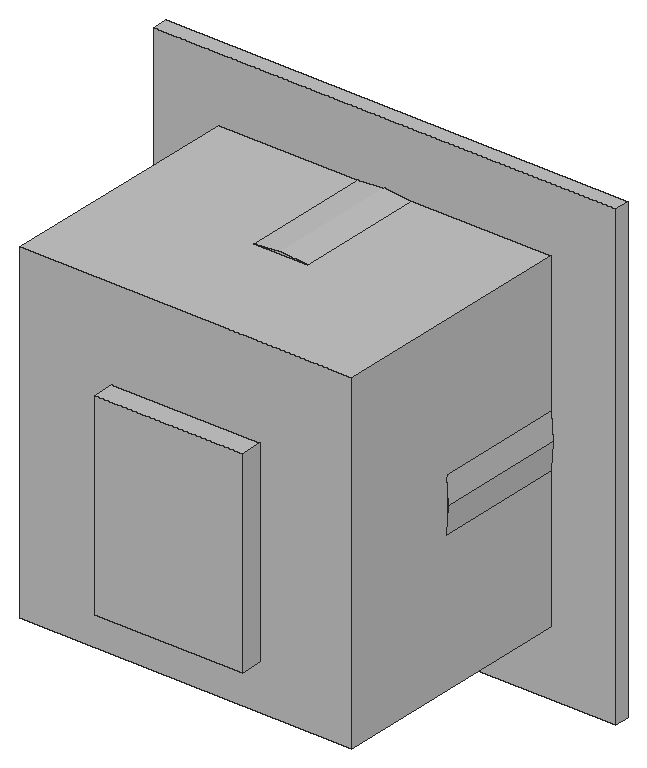
Revit family "ewf_ewg_ewh_ewj-20_105a_b_y_sa2_ta(40a)2-(-50)_50Hz", category 機械設備, Revit 2019
Family settings
  丸型コネクタ寸法 = 直径を使用
  パーツ タイプ = 標準
  OmniClass 番号 = 23.75.35.21.17
  OmniClass タイトル = Industrial Ventilating Equipment
  作業面ベース = いいえ
  常に垂直 = はい
  ロード時にボイドで切り取り = はい
  共有 = いいえ
  部屋計算ポイント = はい
Parameters (values of type "EWF-20YSA2-Q")
  騒音レベル(dB(A)) [instance] = 32
  風量 [instance] = 設計風量  # 0.0 m³/h
  電源種別 [instance] = ""
  電圧 = 100 V
  電動機出力 = 15 W
  電動機_種別 [instance] = ""
  銘板表示 = not(モーター表示)  # yes
  銘板_Width = 102.6 mm
  銘板_Height = 136 mm
  銘板_H = 52 mm
  運転質量 = 0.00 kg
  連動 [instance] = ""
  質量 = if(製品質量 > 運転質量, 製品質量, 運転質量) * 1.2  # 3.96 kg
  負荷分類 = 3_ファン類
  説明 = "産業用有圧換気扇 低騒音形 給気専用"
  設計風量 [instance] = 0.0 m³/h
  設置方法 = "壁付"
  記号 [instance] = ""
  製造元 = "三菱電機株式会社"
  製品質量 = 3.30 kg
  製品出荷対象 = "国内"
  製品リリース年月 = "2022年6月"
  製品グループ = ""
  羽根径 = "∅200"
  レグ_Depth = 182.1 mm
  系統 [instance] = ""
  符号 [instance] = if(☑給気／□排気, "FS", "FE")  # "FS"
  積算_科目 = ""
  積算_拾い区分 [instance] = ""
  相 = 1
  盤記号 [instance] = ""
  盤工事区分 = ""
  発停方法 [instance] = ""
  特殊仕様 [instance] = ""
  火災停止 [instance] = ""
  消費電力 = 30 W
  法定耐用年数 = "15"
  極数 = 2
  極 = 4
  材質 [instance] = ""
  操作・制御方式 = ""
  操作・制御スイッチ = ""
  排気量 [instance] = if(☑給気／□排気, 0.0 m³/h, 設計風量)  # 0.0 m³/h
  形式 = ""
  幹線記号 [instance] = ""
  対象室 [instance] = ""
  実風量 [instance] = 0.0 m³/h
  始動方式 [instance] = "直入"
  外気量 [instance] = if(☑給気／□排気, 設計風量, 0.0 m³/h)  # 0.0 m³/h
  呼称 = "有圧扇"
  周波数 = 50 Hz
  参照している仕様書等のバージョン = ""
  分類コード = "50052503100110"
  分類グループ = ""
  価格 = 45400
  企業コード = "108420"
  付属品_防振装置 = ""
  付属品 [instance] = ""
  仕様書バージョン = "Version1.0"
  レグ_Width = 230 mm
  レグ_Height = 230 mm
  モーター径 = 5 mm
  モーター表示 = no
  モデル = "EWF-20YSA2-Q"
  フレームの厚さ = 10 mm
  ファンの種類 = "軸流羽根"
  コメント [instance] = ""
  Keynote = ""
  オリフィス_Depth = 100 mm
  ☑給気／□排気 [instance] = yes
  Width = 320 mm
  Version = ""
  Uniclass2015Version = "Systems v1.9"
  Uniclass2015Title = "Propeller fans"
  Uniclass2015Code = "Pr_65_67_29_67"
  URL = "https://www.mitsubishielectric.co.jp/ldg/wink/ssl/displayProduct.do?pid=318607"
  SpecificationReference = ""
  SpecificationDescription = ""
  Revision = ""
  ProductInformation = ""
  OmniClassCode = "23-33 31 19 11 17"
  MIN風量 = 0.0 m³/h
  MID風量 = 0.0 m³/h
  MAX風量 = 660.0 m³/h
  IfcTypeProduct = ""
  IfcProduct = ""
  IfcExportType = "TUBEAXIAL"
  IfcExportAs = "IfcFanType"
  Height = 320 mm
  オリフィス径 = 233 mm
  Depth = 197 mm
  Author = "三菱電機株式会社"
Types (71, lengths in mm): name | 騒音レベル(dB(A)) | 電圧 | 電動機出力 | 銘板表示 | 銘板_Width | 銘板_Height | 銘板_H | 質量 | 製品質量 | 羽根径 | レグ_Depth | 相 | 消費電力 | 極数 | 極 | 価格 | レグ_Width | レグ_Height | モーター径 | モーター表示 | モデル | フレームの厚さ | オリフィス_Depth | Width | URL | MAX風量 | Height | オリフィス径 | Depth
  EWF-20YSA2-Q | 32 | 100 V | 15 W | yes | 102.6 | 136 | 52 | 3.96 kg | 3.30 kg | "∅200" | 182.1 | 1 | 30 W | 2 | 4 | 45400 | 230 | 230 | 5 | no | "EWF-20YSA2-Q" | 10 | 100 | 320 | "https://www.mitsubishielectric.co.jp/ldg/wink/ssl/displayProduct.do?pid=318607" | 660.0 m³/h | 320 | 233 | 197
  EWF-25ASA2-Q | 38 | 100 V | 25 W | yes | 120 | 153 | 60 | 5.16 kg | 4.30 kg | "∅250" | 182 | 1 | 41.5 W | 2 | 4 | 48100 | 280 | 280 | 5 | no | "EWF-25ASA2-Q" | 10 | 110 | 370 | "https://www.mitsubishielectric.co.jp/ldg/wink/ssl/displayProduct.do?pid=318609" | 1140.0 m³/h | 370 | 283 | 201
  EWF-30BSA2-Q | 44.5 | 100 V | 50 W | yes | 120 | 153 | 60 | 6.96 kg | 5.80 kg | "∅300" | 179 | 1 | 73 W | 2 | 4 | 62000 | 330 | 330 | 5 | no | "EWF-30BSA2-Q" | 10 | 110 | 420 | "https://www.mitsubishielectric.co.jp/ldg/wink/ssl/displayProduct.do?pid=318801" | 1680.0 m³/h | 420 | 323 | 197
  EWF-35CSA2-Q | 45 | 100 V | 100 W | yes | 120 | 153 | 60 | 7.92 kg | 6.60 kg | "∅350" | 189.8 | 1 | 91 W | 2 | 4 | 82500 | 385 | 385 | 5 | no | "EWF-35CSA2-Q" | 10 | 130 | 470 | "https://www.mitsubishielectric.co.jp/ldg/wink/ssl/displayProduct.do?pid=318807" | 2400.0 m³/h | 470 | 373 | 208
  EWF-35DSA2-Q | 48.5 | 100 V | 150 W | yes | 148 | 181 | 73 | 11.40 kg | 9.50 kg | "∅350" | 226.9 | 1 | 129 W | 2 | 4 | 90800 | 385 | 385 | 5 | no | "EWF-35DSA2-Q" | 10 | 130 | 470 | "https://www.mitsubishielectric.co.jp/ldg/wink/ssl/displayProduct.do?pid=318759" | 3000.0 m³/h | 470 | 373 | 259
  EWF-40DSA2-Q | 50.5 | 100 V | 200 W | yes | 148 | 181 | 73 | 14.52 kg | 12.10 kg | "∅400" | 237.4 | 1 | 152 W | 2 | 4 | 107000 | 413 | 413 | 5 | no | "EWF-40DSA2-Q" | 10 | 135 | 520 | "https://www.mitsubishielectric.co.jp/ldg/wink/ssl/displayProduct.do?pid=318765" | 3720.0 m³/h | 520 | 423 | 266
  EWG-40BSA2-Q | 38 | 100 V | 50 W | yes | 120 | 153 | 60 | 10.08 kg | 8.40 kg | "∅400" | 207 | 1 | 61.5 W | 2 | 6 | 89400 | 413 | 413 | 5 | no | "EWG-40BSA2-Q" | 10 | 135 | 520 | "https://www.mitsubishielectric.co.jp/ldg/wink/ssl/displayProduct.do?pid=319072" | 2340.0 m³/h | 520 | 423 | 223
  EWG-40CSA2-Q | 43 | 100 V | 100 W | yes | 148 | 181 | 73 | 14.64 kg | 12.20 kg | "∅400" | 256.4 | 1 | 112 W | 2 | 6 | 105000 | 413 | 413 | 5 | no | "EWG-40CSA2-Q" | 10 | 135 | 520 | "https://www.mitsubishielectric.co.jp/ldg/wink/ssl/displayProduct.do?pid=319076" | 3180.0 m³/h | 520 | 423 | 285
  EWF-45ESA2-Q | 54 | 100 V | 400 W | yes | 178 | 211 | 88 | 21.96 kg | 18.30 kg | "∅450" | 274 | 1 | 262 W | 2 | 4 | 135000 | 522 | 522 | 5 | no | "EWF-45ESA2-Q" | 10 | 135 | 620 | "https://www.mitsubishielectric.co.jp/ldg/wink/ssl/displayProduct.do?pid=319059" | 5560.0 m³/h | 620 | 473 | 307
  EWG-45DSA2-Q | 48 | 100 V | 200 W | yes | 178 | 211 | 88 | 20.28 kg | 16.90 kg | "∅450" | 302 | 1 | 175 W | 2 | 6 | 123000 | 514 | 514 | 5 | no | "EWG-45DSA2-Q" | 10 | 135 | 620 | "https://www.mitsubishielectric.co.jp/ldg/wink/ssl/displayProduct.do?pid=319081" | 4200.0 m³/h | 620 | 473 | 335
  EWF-25ATA2-Q_200V | 38 | 200 V | 25 W | yes | 120 | 153 | 60 | 5.88 kg | 4.90 kg | "∅250" | 196.5 | 3 | 35 W | 3 | 4 | 48100 | 280 | 280 | 5 | no | "EWF-25ATA2-Q" | 10 | 110 | 370 | "https://www.mitsubishielectric.co.jp/ldg/wink/ssl/displayProduct.do?pid=318797" | 1140.0 m³/h | 370 | 283 | 211
  EWF-30BTA2-Q_200V | 44.5 | 200 V | 50 W | yes | 120 | 153 | 60 | 6.96 kg | 5.80 kg | "∅300" | 179 | 3 | 57 W | 3 | 4 | 62000 | 330 | 330 | 5 | no | "EWF-30BTA2-Q" | 10 | 110 | 420 | "https://www.mitsubishielectric.co.jp/ldg/wink/ssl/displayProduct.do?pid=318803" | 1680.0 m³/h | 420 | 323 | 197
  EWF-35CTA2-Q_200V | 45 | 200 V | 100 W | yes | 120 | 153 | 60 | 8.04 kg | 6.70 kg | "∅350" | 189.8 | 3 | 82 W | 3 | 4 | 82500 | 385 | 385 | 5 | no | "EWF-35CTA2-Q" | 10 | 130 | 470 | "https://www.mitsubishielectric.co.jp/ldg/wink/ssl/displayProduct.do?pid=318755" | 2400.0 m³/h | 470 | 373 | 208
  EWF-35DTA2-Q_200V | 48.5 | 200 V | 150 W | yes | 148 | 181 | 73 | 11.40 kg | 9.50 kg | "∅350" | 226.9 | 3 | 120 W | 3 | 4 | 90800 | 385 | 385 | 5 | no | "EWF-35DTA2-Q" | 10 | 130 | 470 | "https://www.mitsubishielectric.co.jp/ldg/wink/ssl/displayProduct.do?pid=318761" | 3000.0 m³/h | 470 | 373 | 259
  EWF-40DTA2-Q_200V | 51 | 200 V | 200 W | yes | 148 | 181 | 73 | 14.64 kg | 12.20 kg | "∅400" | 237.4 | 3 | 147 W | 3 | 4 | 107000 | 413 | 413 | 5 | no | "EWF-40DTA2-Q" | 10 | 135 | 520 | "https://www.mitsubishielectric.co.jp/ldg/wink/ssl/displayProduct.do?pid=319048" | 3720.0 m³/h | 520 | 423 | 266
  EWF-40ETA2-Q_200V | 53.5 | 200 V | 400 W | no | 5 | 5 | 5 | 17.04 kg | 14.20 kg | "∅400" | 279.4 | 3 | 244 W | 3 | 4 | 117000 | 414 | 414 | 131 | yes | "EWF-40ETA2-Q" | 10 | 135 | 520 | "https://www.mitsubishielectric.co.jp/ldg/wink/ssl/displayProduct.do?pid=319055" | 4800.0 m³/h | 520 | 423 | 308
  EWG-40BTA2-Q_200V | 37.5 | 200 V | 50 W | yes | 120 | 153 | 60 | 9.96 kg | 8.30 kg | "∅400" | 207 | 3 | 57 W | 3 | 6 | 89400 | 413 | 413 | 5 | no | "EWG-40BTA2-Q" | 10 | 135 | 520 | "https://www.mitsubishielectric.co.jp/ldg/wink/ssl/displayProduct.do?pid=319074" | 2340.0 m³/h | 520 | 423 | 223
  EWG-40CTA2-Q_200V | 42 | 200 V | 100 W | no | 5 | 5 | 5 | 14.52 kg | 12.10 kg | "∅400" | 251.3 | 3 | 106 W | 3 | 6 | 105000 | 413 | 413 | 131 | yes | "EWG-40CTA2-Q" | 10 | 135 | 520 | "https://www.mitsubishielectric.co.jp/ldg/wink/ssl/displayProduct.do?pid=319078" | 3180.0 m³/h | 520 | 423 | 308
  EWF-45ETA2-Q_200V | 54.5 | 200 V | 400 W | no | 5 | 5 | 5 | 21.36 kg | 17.80 kg | "∅450" | 286.4 | 3 | 245 W | 3 | 4 | 135000 | 522 | 522 | 131 | yes | "EWF-45ETA2-Q" | 10 | 135 | 620 | "https://www.mitsubishielectric.co.jp/ldg/wink/ssl/displayProduct.do?pid=319061" | 5700.0 m³/h | 620 | 473 | 315
  EWG-45DTA2-Q_200V | 47 | 200 V | 200 W | no | 5 | 5 | 5 | 18.84 kg | 15.70 kg | "∅450" | 286.4 | 3 | 155 W | 3 | 6 | 123000 | 522 | 522 | 131 | yes | "EWG-45DTA2-Q" | 10 | 135 | 620 | "https://www.mitsubishielectric.co.jp/ldg/wink/ssl/displayProduct.do?pid=319083" | 4360.0 m³/h | 620 | 473 | 315
  EWF-25ATA2-Q_220V | 38.5 | 220 V | 25 W | yes | 120 | 153 | 60 | 5.88 kg | 4.90 kg | "∅250" | 196.5 | 3 | 36 W | 3 | 4 | 48100 | 280 | 280 | 5 | no | "EWF-25ATA2-Q" | 10 | 110 | 370 | "https://www.mitsubishielectric.co.jp/ldg/wink/ssl/displayProduct.do?pid=318797" | 1140.0 m³/h | 370 | 283 | 211
  EWF-30BTA2-Q_220V | 44.5 | 220 V | 50 W | yes | 120 | 153 | 60 | 6.96 kg | 5.80 kg | "∅300" | 179 | 3 | 67 W | 3 | 4 | 62000 | 330 | 330 | 5 | no | "EWF-30BTA2-Q" | 10 | 110 | 420 | "https://www.mitsubishielectric.co.jp/ldg/wink/ssl/displayProduct.do?pid=318803" | 1680.0 m³/h | 420 | 323 | 197
  EWF-35CTA2-Q_220V | 45.5 | 220 V | 100 W | yes | 120 | 153 | 60 | 8.04 kg | 6.70 kg | "∅350" | 189.8 | 3 | 95 W | 3 | 4 | 82500 | 385 | 385 | 5 | no | "EWF-35CTA2-Q" | 10 | 130 | 470 | "https://www.mitsubishielectric.co.jp/ldg/wink/ssl/displayProduct.do?pid=318755" | 2400.0 m³/h | 470 | 373 | 208
  EWF-35DTA2-Q_220V | 48.5 | 220 V | 150 W | yes | 148 | 181 | 73 | 11.40 kg | 9.50 kg | "∅350" | 226.9 | 3 | 132 W | 3 | 4 | 90800 | 385 | 385 | 5 | no | "EWF-35DTA2-Q" | 10 | 130 | 470 | "https://www.mitsubishielectric.co.jp/ldg/wink/ssl/displayProduct.do?pid=318761" | 3000.0 m³/h | 470 | 373 | 259
  EWF-40DTA2-Q_220V | 51 | 220 V | 200 W | yes | 148 | 181 | 73 | 14.64 kg | 12.20 kg | "∅400" | 237.4 | 3 | 161 W | 3 | 4 | 107000 | 413 | 413 | 5 | no | "EWF-40DTA2-Q" | 10 | 135 | 520 | "https://www.mitsubishielectric.co.jp/ldg/wink/ssl/displayProduct.do?pid=319048" | 3720.0 m³/h | 520 | 423 | 266
  EWF-40ETA2-Q_220V | 54 | 220 V | 400 W | no | 5 | 5 | 5 | 17.04 kg | 14.20 kg | "∅400" | 279.4 | 3 | 260 W | 3 | 4 | 117000 | 414 | 414 | 131 | yes | "EWF-40ETA2-Q" | 10 | 135 | 520 | "https://www.mitsubishielectric.co.jp/ldg/wink/ssl/displayProduct.do?pid=319055" | 4800.0 m³/h | 520 | 423 | 308
  EWG-40BTA2-Q_220V | 38.5 | 220 V | 50 W | yes | 120 | 153 | 60 | 9.96 kg | 8.30 kg | "∅400" | 207 | 3 | 67 W | 3 | 6 | 89400 | 413 | 413 | 5 | no | "EWG-40BTA2-Q" | 10 | 135 | 520 | "https://www.mitsubishielectric.co.jp/ldg/wink/ssl/displayProduct.do?pid=319074" | 2340.0 m³/h | 520 | 423 | 223
  EWG-40CTA2-Q_220V | 42.5 | 220 V | 100 W | no | 5 | 5 | 5 | 14.52 kg | 12.10 kg | "∅400" | 251.3 | 3 | 121 W | 3 | 6 | 105000 | 413 | 413 | 131 | yes | "EWG-40CTA2-Q" | 10 | 135 | 520 | "https://www.mitsubishielectric.co.jp/ldg/wink/ssl/displayProduct.do?pid=319078" | 3180.0 m³/h | 520 | 423 | 308
  EWF-45ETA2-Q_220V | 55 | 220 V | 400 W | no | 5 | 5 | 5 | 21.36 kg | 17.80 kg | "∅450" | 286.4 | 3 | 255 W | 3 | 4 | 135000 | 522 | 522 | 131 | yes | "EWF-45ETA2-Q" | 10 | 135 | 620 | "https://www.mitsubishielectric.co.jp/ldg/wink/ssl/displayProduct.do?pid=319061" | 5700.0 m³/h | 620 | 473 | 315
  EWG-45DTA2-Q_220V | 47 | 220 V | 200 W | no | 5 | 5 | 5 | 18.84 kg | 15.70 kg | "∅450" | 286.4 | 3 | 165 W | 3 | 6 | 123000 | 522 | 522 | 131 | yes | "EWG-45DTA2-Q" | 10 | 135 | 620 | "https://www.mitsubishielectric.co.jp/ldg/wink/ssl/displayProduct.do?pid=319083" | 4360.0 m³/h | 620 | 473 | 315
  EWF-50FTA2-Q_200V | 58 | 200 V | 750 W | no | 5 | 5 | 5 | 23.64 kg | 19.70 kg | "∅500" | 266.4 | 3 | 347 W | 3 | 4 | 146000 | 522 | 522 | 131 | yes | "EWF-50FTA2-Q" | 10 | 155 | 620 | "https://www.mitsubishielectric.co.jp/ldg/wink/ssl/displayProduct.do?pid=319066" | 6900.0 m³/h | 620 | 528 | 295
  EWG-50DTA2-Q_200V | 47 | 200 V | 200 W | no | 5 | 5 | 5 | 18.48 kg | 15.40 kg | "∅500" | 266.4 | 3 | 115 W | 3 | 6 | 118000 | 522 | 522 | 131 | yes | "EWG-50DTA2-Q" | 10 | 155 | 620 | "https://www.mitsubishielectric.co.jp/ldg/wink/ssl/displayProduct.do?pid=318814" | 4800.0 m³/h | 620 | 528 | 295
  EWG-50ETA2-Q_200V | 51 | 200 V | 400 W | no | 5 | 5 | 5 | 22.20 kg | 18.50 kg | "∅500" | 297.4 | 3 | 266 W | 3 | 6 | 136000 | 522 | 522 | 131 | yes | "EWG-50ETA2-Q" | 10 | 155 | 620 | "https://www.mitsubishielectric.co.jp/ldg/wink/ssl/displayProduct.do?pid=318817" | 6060.0 m³/h | 620 | 528 | 326
  EWF-60HTA2-Q_200V | 63.5 | 200 V | 2200 W | no | 5 | 5 | 5 | 33.60 kg | 28.00 kg | "∅600" | 261 | 3 | 705 W | 3 | 4 | 258000 | 623.5 | 623.5 | 202 | yes | "EWF-60HTA2-Q" | 10 | 175 | 710 | "https://www.mitsubishielectric.co.jp/ldg/wink/ssl/displayProduct.do?pid=319070" | 12500.0 m³/h | 710 | 624 | 346
  EWG-60ETA2-Q_200V | 51.5 | 200 V | 400 W | no | 5 | 5 | 5 | 24.36 kg | 20.30 kg | "∅600" | 288.4 | 3 | 235 W | 3 | 6 | 154000 | 612 | 612 | 131 | yes | "EWG-60ETA2-Q" | 10 | 175 | 710 | "https://www.mitsubishielectric.co.jp/ldg/wink/ssl/displayProduct.do?pid=318820" | 7860.0 m³/h | 710 | 624 | 317
  EWG-60FTA2-Q_200V | 55 | 200 V | 750 W | no | 5 | 5 | 5 | 32.52 kg | 27.10 kg | "∅600" | 308.8 | 3 | 406 W | 3 | 6 | 181000 | 612 | 612 | 163 | yes | "EWG-60FTA2-Q" | 10 | 175 | 710 | "https://www.mitsubishielectric.co.jp/ldg/wink/ssl/displayProduct.do?pid=318825" | 9420.0 m³/h | 710 | 624 | 347
  EWF-50FTA2-Q_220V | 58 | 220 V | 750 W | no | 5 | 5 | 5 | 23.64 kg | 19.70 kg | "∅500" | 266.4 | 3 | 368 W | 3 | 4 | 146000 | 522 | 522 | 131 | yes | "EWF-50FTA2-Q" | 10 | 155 | 620 | "https://www.mitsubishielectric.co.jp/ldg/wink/ssl/displayProduct.do?pid=319066" | 6900.0 m³/h | 620 | 528 | 295
  EWG-50DTA2-Q_220V | 47 | 220 V | 200 W | no | 5 | 5 | 5 | 18.48 kg | 15.40 kg | "∅500" | 266.4 | 3 | 125 W | 3 | 6 | 118000 | 522 | 522 | 131 | yes | "EWG-50DTA2-Q" | 10 | 155 | 620 | "https://www.mitsubishielectric.co.jp/ldg/wink/ssl/displayProduct.do?pid=318814" | 4800.0 m³/h | 620 | 528 | 295
  EWG-50ETA2-Q_220V | 51.5 | 220 V | 400 W | no | 5 | 5 | 5 | 22.20 kg | 18.50 kg | "∅500" | 297.4 | 3 | 295 W | 3 | 6 | 136000 | 522 | 522 | 131 | yes | "EWG-50ETA2-Q" | 10 | 155 | 620 | "https://www.mitsubishielectric.co.jp/ldg/wink/ssl/displayProduct.do?pid=318817" | 6060.0 m³/h | 620 | 528 | 326
  EWF-60HTA2-Q_220V | 63.5 | 220 V | 2200 W | no | 5 | 5 | 5 | 33.60 kg | 28.00 kg | "∅600" | 261 | 3 | 770 W | 3 | 4 | 258000 | 623.5 | 623.5 | 202 | yes | "EWF-60HTA2-Q" | 10 | 175 | 710 | "https://www.mitsubishielectric.co.jp/ldg/wink/ssl/displayProduct.do?pid=319070" | 12500.0 m³/h | 710 | 624 | 346
  EWG-60ETA2-Q_220V | 51.5 | 220 V | 400 W | no | 5 | 5 | 5 | 24.36 kg | 20.30 kg | "∅600" | 288.4 | 3 | 251 W | 3 | 6 | 154000 | 612 | 612 | 131 | yes | "EWG-60ETA2-Q" | 10 | 175 | 710 | "https://www.mitsubishielectric.co.jp/ldg/wink/ssl/displayProduct.do?pid=318820" | 7860.0 m³/h | 710 | 624 | 317
  EWG-60FTA2-Q_220V | 55 | 220 V | 750 W | no | 5 | 5 | 5 | 32.52 kg | 27.10 kg | "∅600" | 308.8 | 3 | 419 W | 3 | 6 | 181000 | 612 | 612 | 163 | yes | "EWG-60FTA2-Q" | 10 | 175 | 710 | "https://www.mitsubishielectric.co.jp/ldg/wink/ssl/displayProduct.do?pid=318825" | 9420.0 m³/h | 710 | 624 | 347
  EWG-70JTA2-Q-50 | 64.5 | 200 V | 3700 W | no | 5 | 5 | 5 | 70.80 kg | 59.00 kg | "∅700" | 364 | 3 | 1160 W | 3 | 6 | 498000 | 725 | 725 | 289 | yes | "EWG-70JTA2-Q-50" | 35 | 245 | 860 | "https://www.mitsubishielectric.co.jp/ldg/wink/ssl/displayProduct.do?pid=318978" | 19500.0 m³/h | 860 | 797 | 465
  EWG-80LTA2-Q-50 | 67.5 | 200 V | 7500 W | no | 5 | 5 | 5 | 91.20 kg | 76.00 kg | "∅800" | 405 | 3 | 1960 W | 3 | 6 | 731000 | 786 | 786 | 289 | yes | "EWG-80LTA2-Q-50" | 35 | 256 | 950 | "https://www.mitsubishielectric.co.jp/ldg/wink/ssl/displayProduct.do?pid=318984" | 27000.0 m³/h | 950 | 876 | 519
  EWH-80JTA2-Q-50 | 60.5 | 200 V | 3700 W | no | 5 | 5 | 5 | 90.00 kg | 75.00 kg | "∅800" | 405 | 3 | 895 W | 3 | 8 | 655000 | 780 | 780 | 231 | yes | "EWH-80JTA2-Q-50" | 35 | 256 | 950 | "https://www.mitsubishielectric.co.jp/ldg/wink/ssl/displayProduct.do?pid=318992" | 20000.0 m³/h | 950 | 876 | 519
  EWH-105MTA2-Q-50 | 68 | 200 V | 11000 W | no | 5 | 5 | 5 | 165.60 kg | 138.00 kg | "∅1050" | 488 | 3 | 2700 W | 3 | 8 | 1181000 | 1107 | 1107 | 305 | yes | "EWH-105MTA2-Q-50" | 50 | 303 | 1280 | "https://www.mitsubishielectric.co.jp/ldg/wink/ssl/displayProduct.do?pid=318988" | 43000.0 m³/h | 1280 | 1090 | 629
  EWJ-105JTA2-Q-50 | 62 | 200 V | 3700 W | no | 5 | 5 | 5 | 160.80 kg | 134.00 kg | "∅1050" | 484 | 3 | 1540 W | 3 | 10 | 1005000 | 1096 | 1096 | 262 | yes | "EWJ-105JTA2-Q-50" | 50 | 303 | 1280 | "https://www.mitsubishielectric.co.jp/ldg/wink/ssl/displayProduct.do?pid=318996" | 34500.0 m³/h | 1280 | 1090 | 629
  EWF-25ATA40A2-Q_380V | 38 | 380 V | 25 W | yes | 120 | 153 | 60 | 5.64 kg | 4.70 kg | "∅250" | 186.5 | 3 | 32 W | 3 | 4 | 53000 | 280 | 280 | 5 | no | "EWF-25ATA40A2-Q" | 10 | 110 | 370 | "https://www.mitsubishielectric.co.jp/ldg/wink/ssl/displayProduct.do?pid=318799" | 1140.0 m³/h | 370 | 283 | 201
  EWF-30BTA40A2-Q_380V | 43.5 | 380 V | 50 W | yes | 120 | 153 | 60 | 6.96 kg | 5.80 kg | "∅300" | 179 | 3 | 57 W | 3 | 4 | 68100 | 330 | 330 | 5 | no | "EWF-30BTA40A2-Q" | 10 | 110 | 420 | "https://www.mitsubishielectric.co.jp/ldg/wink/ssl/displayProduct.do?pid=318805" | 1680.0 m³/h | 420 | 323 | 197
  EWF-35CTA40A2-Q_380V | 46.5 | 380 V | 100 W | yes | 120 | 153 | 60 | 8.04 kg | 6.70 kg | "∅350" | 189.8 | 3 | 80 W | 3 | 4 | 90800 | 385 | 385 | 5 | no | "EWF-35CTA40A2-Q" | 10 | 130 | 470 | "https://www.mitsubishielectric.co.jp/ldg/wink/ssl/displayProduct.do?pid=318757" | 2400.0 m³/h | 470 | 373 | 208
  EWF-35DTA40A2-Q_380V | 49.5 | 380 V | 150 W | yes | 148 | 181 | 73 | 11.40 kg | 9.50 kg | "∅350" | 226.9 | 3 | 120 W | 3 | 4 | 100000 | 385 | 385 | 5 | no | "EWF-35DTA40A2-Q" | 10 | 130 | 470 | "https://www.mitsubishielectric.co.jp/ldg/wink/ssl/displayProduct.do?pid=318763" | 3000.0 m³/h | 470 | 373 | 259
  EWF-40DTA40A2-Q_380V | 52 | 380 V | 200 W | yes | 148 | 181 | 73 | 14.64 kg | 12.20 kg | "∅400" | 237.4 | 3 | 135 W | 3 | 4 | 115000 | 413 | 413 | 5 | no | "EWF-40DTA40A2-Q" | 10 | 135 | 520 | "https://www.mitsubishielectric.co.jp/ldg/wink/ssl/displayProduct.do?pid=319050" | 3720.0 m³/h | 520 | 423 | 266
  EWF-40ETA40A2-Q_380V | 53.5 | 380 V | 400 W | no | 5 | 5 | 5 | 17.04 kg | 14.20 kg | "∅400" | 279.4 | 3 | 235 W | 3 | 4 | 129000 | 414 | 414 | 131 | yes | "EWF-40ETA40A2-Q" | 10 | 135 | 520 | "https://www.mitsubishielectric.co.jp/ldg/wink/ssl/displayProduct.do?pid=319057" | 4800.0 m³/h | 520 | 423 | 308
  EWF-50FTA40A2-Q_380V | 57.5 | 380 V | 750 W | no | 5 | 5 | 5 | 23.64 kg | 19.70 kg | "∅500" | 266.4 | 3 | 320 W | 3 | 4 | 163000 | 522 | 522 | 131 | yes | "EWF-50FTA40A2-Q" | 10 | 155 | 620 | "https://www.mitsubishielectric.co.jp/ldg/wink/ssl/displayProduct.do?pid=319068" | 6900.0 m³/h | 620 | 528 | 295
  EWG-60FTA40A2-Q_380V | 54 | 380 V | 750 W | no | 5 | 5 | 5 | 32.52 kg | 27.10 kg | "∅600" | 308.8 | 3 | 400 W | 3 | 6 | 200000 | 612 | 612 | 163 | yes | "EWG-60FTA40A2-Q" | 10 | 175 | 710 | "https://www.mitsubishielectric.co.jp/ldg/wink/ssl/displayProduct.do?pid=318973" | 9420.0 m³/h | 710 | 624 | 347
  EWF-25ATA40A2-Q_400V | 38 | 400 V | 25 W | yes | 120 | 153 | 60 | 5.64 kg | 4.70 kg | "∅250" | 186.5 | 3 | 34 W | 3 | 4 | 53000 | 280 | 280 | 5 | no | "EWF-25ATA40A2-Q" | 10 | 110 | 370 | "https://www.mitsubishielectric.co.jp/ldg/wink/ssl/displayProduct.do?pid=318799" | 1140.0 m³/h | 370 | 283 | 201
  EWF-30BTA40A2-Q_400V | 43.5 | 400 V | 50 W | yes | 120 | 153 | 60 | 6.96 kg | 5.80 kg | "∅300" | 179 | 3 | 60 W | 3 | 4 | 68100 | 330 | 330 | 5 | no | "EWF-30BTA40A2-Q" | 10 | 110 | 420 | "https://www.mitsubishielectric.co.jp/ldg/wink/ssl/displayProduct.do?pid=318805" | 1680.0 m³/h | 420 | 323 | 197
  EWF-35CTA40A2-Q_400V | 46.5 | 400 V | 100 W | yes | 120 | 153 | 60 | 8.04 kg | 6.70 kg | "∅350" | 189.8 | 3 | 86 W | 3 | 4 | 90800 | 385 | 385 | 5 | no | "EWF-35CTA40A2-Q" | 10 | 130 | 470 | "https://www.mitsubishielectric.co.jp/ldg/wink/ssl/displayProduct.do?pid=318757" | 2400.0 m³/h | 470 | 373 | 208
  EWF-35DTA40A2-Q_400V | 49.5 | 400 V | 150 W | yes | 148 | 181 | 73 | 11.40 kg | 9.50 kg | "∅350" | 226.9 | 3 | 125 W | 3 | 4 | 100000 | 385 | 385 | 5 | no | "EWF-35DTA40A2-Q" | 10 | 130 | 470 | "https://www.mitsubishielectric.co.jp/ldg/wink/ssl/displayProduct.do?pid=318763" | 3000.0 m³/h | 470 | 373 | 259
  EWF-40DTA40A2-Q_400V | 52 | 400 V | 200 W | yes | 148 | 181 | 73 | 14.64 kg | 12.20 kg | "∅400" | 237.4 | 3 | 143 W | 3 | 4 | 115000 | 413 | 413 | 5 | no | "EWF-40DTA40A2-Q" | 10 | 135 | 520 | "https://www.mitsubishielectric.co.jp/ldg/wink/ssl/displayProduct.do?pid=319050" | 3720.0 m³/h | 520 | 423 | 266
  EWF-40ETA40A2-Q_400V | 53.5 | 400 V | 400 W | no | 5 | 5 | 5 | 17.04 kg | 14.20 kg | "∅400" | 279.4 | 3 | 235 W | 3 | 4 | 129000 | 414 | 414 | 131 | yes | "EWF-40ETA40A2-Q" | 10 | 135 | 520 | "https://www.mitsubishielectric.co.jp/ldg/wink/ssl/displayProduct.do?pid=319057" | 4800.0 m³/h | 520 | 423 | 308
  EWF-50FTA40A2-Q_400V | 57.5 | 400 V | 750 W | no | 5 | 5 | 5 | 23.64 kg | 19.70 kg | "∅500" | 266.4 | 3 | 325 W | 3 | 4 | 163000 | 522 | 522 | 131 | yes | "EWF-50FTA40A2-Q" | 10 | 155 | 620 | "https://www.mitsubishielectric.co.jp/ldg/wink/ssl/displayProduct.do?pid=319068" | 6900.0 m³/h | 620 | 528 | 295
  EWG-60FTA40A2-Q_400V | 54 | 400 V | 750 W | no | 5 | 5 | 5 | 32.52 kg | 27.10 kg | "∅600" | 308.8 | 3 | 405 W | 3 | 6 | 200000 | 612 | 612 | 163 | yes | "EWG-60FTA40A2-Q" | 10 | 175 | 710 | "https://www.mitsubishielectric.co.jp/ldg/wink/ssl/displayProduct.do?pid=318973" | 9420.0 m³/h | 710 | 624 | 347
  EWF-25ATA40A2-Q_415V | 38.5 | 415 V | 25 W | yes | 120 | 153 | 60 | 5.64 kg | 4.70 kg | "∅250" | 186.5 | 3 | 35 W | 3 | 4 | 53000 | 280 | 280 | 5 | no | "EWF-25ATA40A2-Q" | 10 | 110 | 370 | "https://www.mitsubishielectric.co.jp/ldg/wink/ssl/displayProduct.do?pid=318799" | 1140.0 m³/h | 370 | 283 | 201
  EWF-30BTA40A2-Q_415V | 43.5 | 415 V | 50 W | yes | 120 | 153 | 60 | 6.96 kg | 5.80 kg | "∅300" | 179 | 3 | 63 W | 3 | 4 | 68100 | 330 | 330 | 5 | no | "EWF-30BTA40A2-Q" | 10 | 110 | 420 | "https://www.mitsubishielectric.co.jp/ldg/wink/ssl/displayProduct.do?pid=318805" | 1680.0 m³/h | 420 | 323 | 197
  EWF-35CTA40A2-Q_415V | 46.5 | 415 V | 100 W | yes | 120 | 153 | 60 | 8.04 kg | 6.70 kg | "∅350" | 189.8 | 3 | 90 W | 3 | 4 | 90800 | 385 | 385 | 5 | no | "EWF-35CTA40A2-Q" | 10 | 130 | 470 | "https://www.mitsubishielectric.co.jp/ldg/wink/ssl/displayProduct.do?pid=318757" | 2400.0 m³/h | 470 | 373 | 208
  EWF-35DTA40A2-Q_415V | 49.5 | 415 V | 150 W | yes | 148 | 181 | 73 | 11.40 kg | 9.50 kg | "∅350" | 226.9 | 3 | 130 W | 3 | 4 | 100000 | 385 | 385 | 5 | no | "EWF-35DTA40A2-Q" | 10 | 130 | 470 | "https://www.mitsubishielectric.co.jp/ldg/wink/ssl/displayProduct.do?pid=318763" | 3000.0 m³/h | 470 | 373 | 259
  EWF-40DTA40A2-Q_415V | 52 | 415 V | 200 W | yes | 148 | 181 | 73 | 14.64 kg | 12.20 kg | "∅400" | 237.4 | 3 | 145 W | 3 | 4 | 115000 | 413 | 413 | 5 | no | "EWF-40DTA40A2-Q" | 10 | 135 | 520 | "https://www.mitsubishielectric.co.jp/ldg/wink/ssl/displayProduct.do?pid=319050" | 3720.0 m³/h | 520 | 423 | 266
  EWF-40ETA40A2-Q_415V | 54 | 415 V | 400 W | no | 5 | 5 | 5 | 17.04 kg | 14.20 kg | "∅400" | 279.4 | 3 | 235 W | 3 | 4 | 129000 | 414 | 414 | 131 | yes | "EWF-40ETA40A2-Q" | 10 | 135 | 520 | "https://www.mitsubishielectric.co.jp/ldg/wink/ssl/displayProduct.do?pid=319057" | 4800.0 m³/h | 520 | 423 | 308
  EWF-50FTA40A2-Q_415V | 57.5 | 415 V | 750 W | no | 5 | 5 | 5 | 23.64 kg | 19.70 kg | "∅500" | 266.4 | 3 | 340 W | 3 | 4 | 163000 | 522 | 522 | 131 | yes | "EWF-50FTA40A2-Q" | 10 | 155 | 620 | "https://www.mitsubishielectric.co.jp/ldg/wink/ssl/displayProduct.do?pid=319068" | 6900.0 m³/h | 620 | 528 | 295
  EWG-60FTA40A2-Q_415V | 54.5 | 415 V | 750 W | no | 5 | 5 | 5 | 32.52 kg | 27.10 kg | "∅600" | 308.8 | 3 | 410 W | 3 | 6 | 200000 | 612 | 612 | 163 | yes | "EWG-60FTA40A2-Q" | 10 | 175 | 710 | "https://www.mitsubishielectric.co.jp/ldg/wink/ssl/displayProduct.do?pid=318973" | 9420.0 m³/h | 710 | 624 | 347
Reference planes
  plane 1 "中心(正面/背面)": y = 0
  plane 2: z = 0
  plane 3 "中心(左/右)": x = 0
  plane 4: z = 0
  plane 5: through (212.832, -1524, 243.759) normal (-0.6508, 0, -0.7593)
  plane 6: through (-212.884, -1524, -243.751) normal (0.6508, 0, 0.7593)
  plane 7: through (208.307, -1524, -247.63) normal (-0.6508, 0, 0.7593)
  plane 8: z = 160
  plane 9: z = -160
  plane 10 "左": x = -160
  plane 11 "右": x = 160
  plane 12 "正面": y = -197
  plane 13: y = -10
  plane 14: through (-208.307, -1524, -247.63) normal (-0.6508, 0, -0.7593)
  plane 15: y = 53
  plane 16: y = 153
  plane 17: x = -250
  plane 18: x = 250
  plane 19: y = -100
  plane 20: y = -182.1
  plane 21: x = 51.3
  plane 22: x = -51.3
  plane 23: z = 52
  plane 24: z = -84
  plane 25: x = -115
  plane 26: x = 115
  plane 27: z = 115
  plane 28: z = -115
Forms (mm)
  Extrusion 1, solid, detail levels fine
    sketch origin (0, 0, 0) x (1, 0, 0) y (0, 1, 0)
      loop
        line (-160, 0) -> (-160, -10) -> (160, -10) -> (160, 0) -> (-160, 0)
    from -160 to 160
  Extrusion 2, solid, visible <- "モーター表示", detail levels fine
    sketch origin (140, -23.659, 0) x (-1, 0, 0) y (0, 0, -1)
      loop
        circle (140, 0) r 2.5
    from 158.441 to 173.341
  Extrusion 3, solid
    sketch origin (0, -153.783, 0) x (1, 0, 0) y (0, 0, 1)
      loop
        circle (0, 0) r 116.5
    from -143.783 to -53.783
  Extrusion 4, solid, visible <- "銘板表示", detail levels fine
    sketch origin (0, 0, 0) x (1, 0, 0) y (0, 0, 1)
      loop
        line (-51.3, 52) -> (-51.3, -84) -> (51.3, -84) -> (51.3, 52) -> (-51.3, 52)
    from 182.1 to 197
  Extrusion 5, solid
    sketch origin (0, 0, 0) x (1, 0, 0) y (0, 0, 1)
      loop
        line (-115, 115) -> (-115, -115) -> (115, -115) -> (115, 115) -> (-115, 115)
    from 10 to 182.1
Cuts and joins
  joined: Extrusion 3, Extrusion 5
Lines and regions (mm)
  Masking region 1, detail levels coarse+medium
    outline origin (0, 0, 0) x (1, 0, 0) y (0, 1, 0)
      loop
        line (-250, -197) -> (250, -197) -> (250, 53) -> (-250, 53) -> (-250, -197)
  Masking region 2, detail levels coarse+medium
    outline origin (0, 0, 0) x (1, 0, 0) y (0, 1, 0)
      loop
        line (-124, 53) -> (124, 53) -> (124, 153) -> (-124, 153) -> (-124, 53)
  symbolic lines, detail levels coarse+medium
    curve 1: circle (124, -198.1, 0) r 115 normal (0, 0, 1)
    curve 2: circle (-124, -198.1, 0) r 115 normal (0, 0, -1)
Dimensions and locks
  level to plane 4 = 0 mm
  equal spacing: plane 8, level, plane 9
  "Depth": plane 12 "正面" to plane 1 "中心(正面/背面)"  (x2)
  "Width": plane 10 "左" to plane 11 "右"
  "Height": plane 8 to plane 9
  "フレームの厚さ": plane 13 to plane 1 "中心(正面/背面)"
  plane 12 "正面" to plane 15 to plane 16 = 250 mm locked, 100 mm locked
  locked: plane 17 to plane 18 at 500
  "オリフィス_Depth": plane 1 "中心(正面/背面)" to plane 19
  "レグ_Depth": plane 1 "中心(正面/背面)" to plane 20
  equal spacing: plane 10 "左", plane 3 "中心(左/右)", plane 11 "右"
  equal spacing: plane 21, plane 3 "中心(左/右)", plane 22
  "銘板_Width": plane 21 to plane 22
  "銘板_H": plane 23 to level
  "銘板_Height": plane 23 to plane 24
  equal spacing: plane 26, plane 3 "中心(左/右)", plane 25
  "レグ_Width": plane 26 to plane 25
  equal spacing: plane 27, level, plane 28
  "レグ_Height": plane 27 to plane 28
  "オリフィス径": diameter of Extrusion 3 sketch curve
  "モーター径": diameter of Extrusion 2 sketch curve
  aligned and locked: level to plane 2
  aligned and locked: Extrusion 1 to plane 8
  aligned and locked: plane 10 "左" to Extrusion 1
  aligned and locked: Extrusion 1 to plane 11 "右"
  aligned and locked: plane 9 to Extrusion 1
  aligned and locked: Extrusion 1 to plane 13
  aligned and locked: Extrusion 1 to plane 1 "中心(正面/背面)"  (x5)
  aligned and locked: plane 12 "正面" to Extrusion 2
  aligned and locked: plane 1 "中心(正面/背面)" to Extrusion 1  (x2)
  aligned and locked: plane 4 to Extrusion 2 sketch curve
  aligned and locked: plane 12 "正面" to Masking region 1 sketch curve
  aligned and locked: Masking region 1 sketch curve to plane 17
  aligned and locked: plane 15 to Masking region 1 sketch curve
  aligned and locked: plane 18 to Masking region 1 sketch curve
  aligned and locked: Masking region 2 sketch curve to plane 15
  aligned and locked: plane 16 to Masking region 2 sketch curve
  aligned and locked: Extrusion 3 to Extrusion 1
  aligned and locked: Extrusion 3 to plane 19
  aligned and locked: plane 20 to Extrusion 2
  aligned and locked: Extrusion 4 sketch curve to plane 23
  aligned and locked: plane 22 to Extrusion 4 sketch curve
  aligned and locked: plane 24 to Extrusion 4 sketch curve
  aligned and locked: Extrusion 4 sketch curve to plane 21
  aligned and locked: plane 12 "正面" to Extrusion 4
  aligned and locked: plane 20 to Extrusion 4
  aligned and locked: Extrusion 5 to Extrusion 2
  aligned and locked: Extrusion 5 to Extrusion 1
  aligned and locked: Extrusion 5 to plane 25
  aligned and locked: plane 27 to Extrusion 5
  aligned and locked: plane 26 to Extrusion 5
  aligned and locked: Extrusion 5 to plane 28
  aligned and locked: Extrusion 5 to plane 20
Automatic sketch dimensions
  Extrusion 1 sketch curve to plane 10 "左" = 0 mm
  Extrusion 1 sketch curve to plane 11 "右" = 0 mm
  Extrusion 1 sketch curve to plane 13 = 0 mm
  plane 1 "中心(正面/背面)" to Extrusion 1 sketch curve = 0 mm
  Extrusion 3 sketch curve to level = 0 mm
  Extrusion 3 sketch curve to plane 3 "中心(左/右)" = 0 mm
  curve 2 to plane 20 = 16 mm
  curve 1 to plane 20 = 16 mm
  curve 2 to plane 10 "左" = 36 mm
  Masking region 2 sketch curve to plane 10 "左" = 36 mm
  plane 11 "右" to curve 1 = 36 mm
  plane 11 "右" to Masking region 2 sketch curve = 36 mm
  Extrusion 2 sketch curve to plane 3 "中心(左/右)" = 0 mm
  Extrusion 5 sketch curve to plane 25 = 0 mm
  plane 26 to Extrusion 5 sketch curve = 0 mm
  Extrusion 5 sketch curve to plane 28 = 0 mm
  plane 27 to Extrusion 5 sketch curve = 0 mm
  radius of curve 1 = 115 mm
  radius of curve 2 = 115 mm
Connectors
  electrical at (160, -5, 0), driven by "電圧", driven by "負荷分類", driven by "消費電力", driven by "極数"
    settings: on Extrusion 1, index 2, voltage 100 V, apparent load 30 VA, apparent load phase1 0 VA, apparent load phase2 0 VA, apparent load phase3 0 VA, power factor 1, load classification "3_ファン類", number of poles 2, system type 30, power factor state 1, is connector primary yes, connector utility no, sub classification motor no, connector description ""
